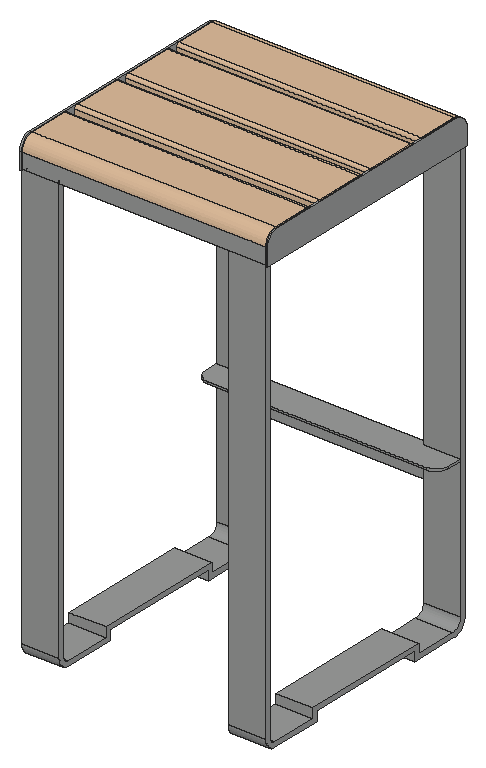
Revit family "1210-S-L", category Meble, Revit 2021
Family settings
  Numer OmniClass = 23.40.20.00
  Tytuł OmniClass = General Furniture and Specialties
  Oparty na płaszczyźnie roboczej = Nie
  Zawsze pionowo = Tak
  Tnij formami wycięć po wczytaniu = Nie
  Współdzielony = Nie
  Punkt obliczania pomieszczeń = Nie
Parameters (values of type "1210-S-L")
  wood = Mobilis Design Wood - Larch
  metal = Mobilis Design RAL 9023
  Width = "40 cm"
  Weight = "20 kg"
  URL = ""
  Product line = "Tucana"
  Product Groups = ""
  Manufacturer = ""
  Keynote = ""
  Description = ""
  Model = "1210-S-L"
  Material = ""
  Maintenance = ""
  Lenght = "40 cm"
  Type Comments = ""
  Mobilis Design Materials = ""
  Hosted on = ""
  Height = "75 cm"
  Domyślna rzędna = 0 mm
  Copyright = "All designs and drawings are the common intellectual property of Lars Laj A/S and Tress and are protected by Danish and international copyright laws."
Reference planes
  plane 1 "front": y = 0
  plane 2: z = 0
  plane 3 "Środek (Lewa/Prawa)": x = 0
Forms (mm)
  Extrusion 1, solid, material "Mobilis Design Wood - Larch" <- "wood"
    sketch origin (0, -245.517, 318.96) x (0, 1, 0) y (0, 0, 1)
      loop
        arc (263.304, 429.703) -> (259.768, 428.239) -> (258.304, 424.703) r 5
        line (258.304, 424.703) -> (258.304, 388.972)
        arc (258.304, 388.972) -> (258.878, 387.586) -> (260.264, 387.012) r 1.96
        line (260.264, 387.012) -> (346.304, 387.012)
        arc (346.304, 387.012) -> (347.718, 387.598) -> (348.304, 389.012) r 2
        line (348.304, 389.012) -> (348.304, 424.703)
        arc (348.304, 424.703) -> (346.839, 428.239) -> (343.304, 429.703) r 5
        line (343.304, 429.703) -> (263.304, 429.703)
    from -196.25 to 195.937
  Extrusion 2, solid, material "Mobilis Design Wood - Larch" <- "wood"
    sketch origin (0, -347.967, 318.96) x (0, 1, 0) y (0, 0, 1)
      loop
        arc (263.253, 429.703) -> (259.718, 428.239) -> (258.253, 424.703) r 5
        line (258.253, 424.703) -> (258.253, 388.972)
        arc (258.253, 388.972) -> (258.827, 387.586) -> (260.213, 387.012) r 1.96
        line (260.213, 387.012) -> (346.253, 387.012)
        arc (346.253, 387.012) -> (347.668, 387.598) -> (348.253, 389.012) r 2
        line (348.253, 389.012) -> (348.253, 424.703)
        arc (348.253, 424.703) -> (346.789, 428.239) -> (343.253, 429.703) r 5
        line (343.253, 429.703) -> (263.253, 429.703)
    from -196.25 to 195.937
  Extrusion 3, solid, material "Mobilis Design Wood - Larch" <- "wood"
    sketch origin (0, -450.154, 318.96) x (0, 1, 0) y (0, 0, 1)
      loop
        arc (275.801, 429.704) -> (261.616, 423.828) -> (255.74, 409.642) r 20.061
        line (255.74, 409.642) -> (258.916, 409.642) -> (258.916, 387.013) -> (343.754, 387.013)
        arc (343.754, 387.013) -> (345.168, 387.598) -> (345.753, 389.012) r 1.999
        line (345.753, 389.012) -> (345.753, 424.706)
        arc (345.753, 424.706) -> (344.29, 428.24) -> (340.756, 429.704) r 4.998
        line (340.756, 429.704) -> (275.801, 429.704)
    from -196.25 to 195.937
  Extrusion 4, solid, material "Mobilis Design RAL 9023" <- "metal", not visible
    sketch origin (0, 0, 0) x (0, 1, 0) y (0, 0, 1)
      loop
        arc (71.187, 451.5) -> (57.045, 445.642) -> (51.187, 431.5) r 20
        line (51.187, 431.5) -> (51.187, 18.231)
        arc (51.187, 18.231) -> (56.527, 5.34) -> (69.418, 0) r 18.231
        line (69.418, 0) -> (153.638, 0) -> (153.638, 15) -> (448.638, 15) -> (448.638, 0) -> (527.023, 0)
        arc (527.023, 0) -> (542.307, 6.331) -> (548.638, 21.615) r 21.615
        line (548.638, 21.615) -> (548.638, 429.407)
        arc (548.638, 429.407) -> (542.168, 445.029) -> (526.545, 451.5) r 22.093
        line (526.545, 451.5) -> (71.187, 451.5)
    from 750.378 to 745
  Extrusion 5, solid, material "Mobilis Design RAL 9023" <- "metal", not visible
    sketch origin (0, 0, 0) x (0, 1, 0) y (0, 0, 1)
      loop
        line (548.638, 396.844) -> (629.375, 854.725) -> (601.836, 859.581)
        arc (601.836, 859.581) -> (585.224, 855.898) -> (576.082, 841.547) r 22.232
        line (576.082, 841.547) -> (507.306, 451.5) -> (526.545, 451.5)
        arc (526.545, 451.5) -> (542.168, 445.029) -> (548.638, 429.407) r 22.093
        line (548.638, 429.407) -> (548.638, 396.844)
    from 745 to 750.378
  Extrusion 6, solid, material "Mobilis Design RAL 9023" <- "metal"
    sketch origin (0, -245.487, 0) x (0, -1, 0) y (0, 0, 1)
      loop
        line (-71.187, 748.663) -> (-429.045, 748.663)
        arc (-429.045, 748.663) -> (-444.668, 742.192) -> (-451.138, 726.57) r 22.093
        line (-451.138, 726.57) -> (-451.138, 701) -> (-51.187, 701) -> (-51.187, 728.663)
        arc (-51.187, 728.663) -> (-57.045, 742.805) -> (-71.187, 748.663) r 20
    from 199.507 to 196.25
  Extrusion 7, solid, material "Mobilis Design RAL 9023" <- "metal"
    sketch origin (0, -245.487, 0) x (0, 1, 0) y (0, 0, 1)
      loop
        line (451.138, 23.296) -> (451.138, 707) -> (51.187, 707) -> (51.187, 18.763)
        arc (51.187, 18.763) -> (56.683, 5.495) -> (69.95, 0) r 18.763
        line (69.95, 0) -> (153.638, 0) -> (153.638, 15) -> (351.138, 15) -> (351.138, 0) -> (427.842, 0)
        arc (427.842, 0) -> (444.315, 6.823) -> (451.138, 23.296) r 23.296
      loop
        line (58.687, 701) -> (58.687, 18.763)
        arc (58.687, 18.763) -> (61.986, 10.799) -> (69.95, 7.5) r 11.263
        line (69.95, 7.5) -> (146.138, 7.5) -> (146.138, 22.5) -> (358.638, 22.5) -> (358.638, 7.5) -> (427.842, 7.5)
        arc (427.842, 7.5) -> (439.012, 12.127) -> (443.638, 23.296) r 15.796
        line (443.638, 23.296) -> (443.638, 701) -> (58.687, 701)
    from -196.25 to -136.25
  Extrusion 8, solid, material "Mobilis Design RAL 9023" <- "metal"
    sketch origin (0, -245.487, 297.5) x (0, 1, 0) y (0, 0, 1)
      loop
        line (53.936, 431.102) -> (51.187, 431.102) -> (51.187, 405.767) -> (73.779, 405.767) -> (73.779, 408.105) -> (53.936, 408.105) -> (53.936, 431.102)
    from -196.25 to 195.937
  Extrusion 9, solid, material "Mobilis Design Wood - Larch" <- "wood"
    sketch origin (0, 461.017, 318.96) x (0, -1, 0) y (0, 0, -1)
      loop
        line (275.801, -429.704) -> (340.733, -429.704)
        arc (340.733, -429.704) -> (344.267, -428.24) -> (345.731, -424.706) r 4.998
        line (345.731, -424.706) -> (345.731, -389.012)
        arc (345.731, -389.012) -> (345.145, -387.598) -> (343.731, -387.013) r 1.999
        line (343.731, -387.013) -> (258.705, -387.013) -> (258.705, -409.642) -> (255.74, -409.642)
        arc (255.74, -409.642) -> (261.616, -423.828) -> (275.801, -429.704) r 20.061
    from -196.25 to 195.938
  Extrusion 10, solid, material "Mobilis Design RAL 9023" <- "metal"
    sketch origin (0, -245.487, 0) x (0, 1, 0) y (0, 0, -1)
      loop
        arc (451.138, -23.296) -> (444.315, -6.823) -> (427.842, 0) r 23.296
        line (427.842, 0) -> (351.138, 0) -> (351.138, -15) -> (153.638, -15) -> (153.638, 0) -> (69.95, 0)
        arc (69.95, 0) -> (56.683, -5.495) -> (51.187, -18.763) r 18.763
        line (51.187, -18.763) -> (51.187, -707) -> (451.138, -707) -> (451.138, -23.296)
      loop
        line (58.687, -701) -> (443.638, -701) -> (443.638, -23.296)
        arc (443.638, -23.296) -> (439.012, -12.127) -> (427.842, -7.5) r 15.796
        line (427.842, -7.5) -> (358.638, -7.5) -> (358.638, -22.5) -> (146.138, -22.5) -> (146.138, -7.5) -> (69.95, -7.5)
        arc (69.95, -7.5) -> (61.986, -10.799) -> (58.687, -18.763) r 11.263
        line (58.687, -18.763) -> (58.687, -701)
    from -196.25 to -136.25
  Extrusion 11, solid, material "Mobilis Design RAL 9023" <- "metal"
    sketch origin (0, 256.685, 297.5) x (0, -1, 0) y (0, 0, -1)
      loop
        line (53.936, -431.102) -> (53.936, -408.105) -> (73.779, -408.105) -> (73.779, -405.767) -> (51.187, -405.767) -> (51.187, -431.102) -> (53.936, -431.102)
    from -196.25 to 195.937
  Extrusion 12, solid, material "Mobilis Design RAL 9023" <- "metal"
    sketch origin (0, -180.928, 25.482) x (0, 1, 0) y (0, 0, 1)
      loop
        line (386.692, 174.492) -> (386.692, 225.518) -> (335.335, 225.518) -> (335.335, 222.492) -> (381.692, 222.492) -> (381.692, 174.492) -> (386.692, 174.492)
    from 0 to 195.937
  Extrusion 13, solid, material "Mobilis Design RAL 9023" <- "metal"
    sketch origin (0, -245.487, 0) x (0, -1, 0) y (0, 0, -1)
      loop
        arc (-71.187, -748.663) -> (-57.045, -742.805) -> (-51.187, -728.663) r 20
        line (-51.187, -728.663) -> (-51.187, -701) -> (-451.138, -701) -> (-451.138, -726.57)
        arc (-451.138, -726.57) -> (-444.668, -742.192) -> (-429.045, -748.663) r 22.093
        line (-429.045, -748.663) -> (-71.187, -748.663)
    from 199.507 to 196.25
  Extrusion 14, void
    sketch origin (0, -194.237, 0) x (1, 0, 0) y (0, 1, 0)
      loop
        arc (196.244, 368.643) -> (190.06, 354.471) -> (175.738, 348.643) r 20.512
        line (175.738, 348.643) -> (175.738, 343.643) -> (203.406, 343.643) -> (203.406, 368.643) -> (196.244, 368.643)
    from 231.188 to 264.325
  Extrusion 15, solid, material "Mobilis Design RAL 9023" <- "metal"
    sketch origin (0, -180.928, 25.482) x (0, 1, 0) y (0, 0, -1)
      loop
        line (386.692, -174.492) -> (381.692, -174.492) -> (381.692, -222.492) -> (335.335, -222.492) -> (335.335, -225.518) -> (386.692, -225.518) -> (386.692, -174.492)
    from 0 to 195.937
  Extrusion 16, void
    sketch origin (0, -194.237, 0) x (-1, 0, 0) y (0, -1, 0)
      loop
        line (196.244, -368.643) -> (203.406, -368.643) -> (203.406, -343.643) -> (175.738, -343.643) -> (175.738, -348.643)
        arc (175.738, -348.643) -> (190.06, -354.471) -> (196.244, -368.643) r 20.512
    from 231.188 to 264.325
Cuts and joins
  Extrusion 14, Extrusion 16 cuts Extrusion 12
  Extrusion 16 cuts Extrusion 15
  joined: Extrusion 12, Extrusion 15
Dimensions and locks
  Extrusion 1 sketch curve to Extrusion 1 sketch curve = 90 mm
  Extrusion 1 sketch curve to Extrusion 1 sketch curve = 42.691 mm
  Extrusion 2 sketch curve to Extrusion 2 sketch curve = 90 mm
  Extrusion 2 sketch curve to Extrusion 2 sketch curve = 42.691 mm
  Extrusion 3 sketch curve to Extrusion 3 sketch curve = 42.691 mm
  Extrusion 9 sketch curve to Extrusion 9 sketch curve = 42.691 mm
  aligned and locked: level to plane 2
